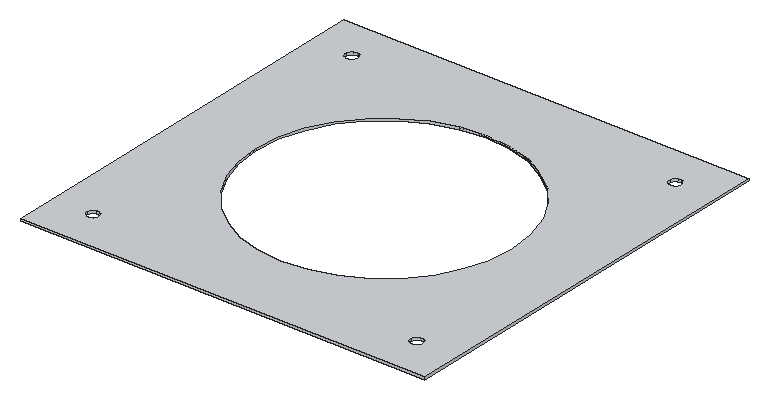
Revit family
Reference planes
  plane 1 "Center (Front/Back)": y = 0
  plane 2: z = 0
  plane 3 "Center (Left/Right)": x = 0
  plane 4: x = -100
  plane 5: x = -80
  plane 6: y = 80
  plane 7: y = 100
  plane 8: x = -63.5
  plane 9: x = 63.5
  plane 10: y = 63.5
  plane 11: y = -63.5
Forms (mm)
  Extrusion 1, solid
    sketch origin (0, 0, 0) x (1, 0, 0) y (0, 1, 0)
      loop
        line (100, -100) -> (100, 100) -> (-100, 100) -> (-100, -100) -> (100, -100)
      loop
        circle (0, 0) r 63.5
      loop
        circle (-80, 80) r 3
      loop
        circle (80, 80) r 3
      loop
        circle (-80, -80) r 3
      loop
        circle (80, -80) r 3
    from 0 to 1
